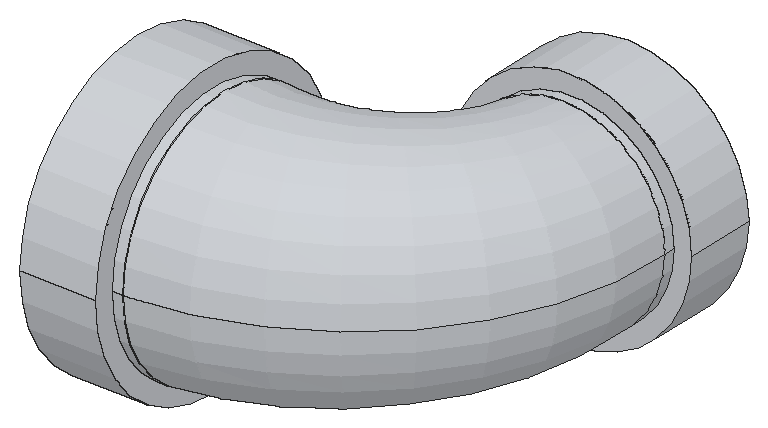
Revit family "M_Elbow Reducing - Threaded - MI - Class 150", category Pipe Fittings, Revit 2014
Parameters (values of type "Standard")
  Lookup Table Name = "M_Elbow Reducing - Threaded - MI - Class 150"
  Length 4 [instance] = if(Length 1 = Max Length 1, if(C2 Length 1 = Max Length 1, 0.794 mm, if(C2 Length 1 - Max Length 1 < 0.794 mm, 0.794 mm, C2 Length 1 - Max Length 1)), 0.794 mm)  # 0.794 mm
  Length 1 [instance] = if(Max Length 1 > Max Insulation Radius 12 * tan(Angle / 2), Max Length 1, Max Insulation Radius 12 * tan(Angle / 2) + 0.794 mm)  # 13.7 mm
  Max Length 1 [instance] = if(C1 Length 1 > C2 Length 1, C2 Length 1, C1 Length 1)  # 13.7 mm
  Length 3 [instance] = Length 1 + Length 1 * cos(Angle)  # 13.7 mm
  Length 7 [instance] = (Length 4 + Band Width 2) * cos(Angle) + Length 1 + Length 1 * cos(Angle)  # 13.7 mm
  Length 6 [instance] = (Length 4 + Band Width 2) * sin(Angle)  # 5.894 mm
  Length 5 [instance] = if(Length 1 = Max Length 1, if(C1 Length 1 = Max Length 1, 0.794 mm, if(C1 Length 1 - Max Length 1 < 0.794 mm, 0.794 mm, C1 Length 1 - Length 1)), 0.794 mm)  # 0.794 mm
  C1 Length 1 [instance] = Center to End 1 - Band Width 1  # 13.8 mm
  C2 Length 1 [instance] = Center to End 2 - Band Width 2  # 13.7 mm
  Length 2 [instance] = Length 1 * sin(Angle)  # 13.7 mm
  Tick Size 2 [instance] = Fitting Outside Diameter 2 * 0.4  # 5.952 mm
  Tick Size 1 [instance] = Fitting Outside Diameter 1 * 0.4  # 7.408 mm
  Nominal Radius 2 [instance] = 3 mm
  Nominal Radius 1 [instance] = 4 mm
  Nominal Diameter 2 [instance] = Nominal Radius 2 * 2  # 6 mm
  Nominal Diameter 1 [instance] = Nominal Radius 1 * 2  # 8 mm
  Metal Thickness 2 [instance] = size_lookup(Lookup Table Name, "MThk", 0.04 * Nominal Diameter 2 + 2.183 mm, Nominal Diameter 2)  # 2.29 mm
  Metal Thickness 1 [instance] = size_lookup(Lookup Table Name, "MThk", 0.04 * Nominal Diameter 1 + 2.183 mm, Nominal Diameter 1)  # 2.41 mm
  Max Insulation Radius 12 [instance] = if(Fitting Outside Radius 1 > Fitting Outside Radius 2, Fitting Outside Radius 1, Fitting Outside Radius 2)  # 9.26 mm
  Fitting Outside Radius 2 [instance] = Fitting Outside Diameter 2 / 2  # 7.44 mm
  Fitting Outside Radius 1 [instance] = Fitting Outside Diameter 1 / 2  # 9.26 mm
  Fitting Outside Diameter 1 [instance] = Fitting Inside Diameter 1 + Metal Thickness 1 * 2  # 18.52 mm
  Fitting Outside Diameter 2 [instance] = Fitting Inside Diameter 2 + Metal Thickness 2 * 2  # 14.88 mm
  Fitting Inside Diameter 2 [instance] = size_lookup(Lookup Table Name, "FID", 1.08 * Nominal Diameter 2 + 5.159 mm, Nominal Diameter 2)  # 10.3 mm
  Fitting Inside Diameter 1 [instance] = size_lookup(Lookup Table Name, "FID", 1.08 * Nominal Diameter 1 + 5.159 mm, Nominal Diameter 1)  # 13.7 mm
  Center to End 2 [instance] = size_lookup(Lookup Table Name, "CtE2", 0.61 * Nominal Diameter 1 + 0.2 * Nominal Diameter 2 + 15.577 mm, Nominal Diameter 1, Nominal Diameter 2)  # 18.8 mm
  Center to End 1 [instance] = size_lookup(Lookup Table Name, "CtE1", 0.3 * Nominal Diameter 1 + 0.48 * Nominal Diameter 2 + 16.867 mm, Nominal Diameter 1, Nominal Diameter 2)  # 19.3 mm
  Center Radius [instance] = Length 1 / tan(Angle / 2)  # 13.7 mm
  Band Width 2 [instance] = size_lookup(Lookup Table Name, "BWid", 0.12 * Nominal Diameter 2 + 4.465 mm, Nominal Diameter 2)  # 5.1 mm
  Band Width 1 [instance] = size_lookup(Lookup Table Name, "BWid", 0.12 * Nominal Diameter 1 + 4.465 mm, Nominal Diameter 1)  # 5.5 mm
  Band Outside Radius 2 [instance] = Band Outside Diameter 2 / 2  # 8.8 mm
  Band Outside Radius 1 [instance] = Band Outside Diameter 1 / 2  # 10.7 mm
  Band Outside Diameter 1 [instance] = size_lookup(Lookup Table Name, "BOD", 1.23 * Nominal Diameter 1 + 12.402 mm, Nominal Diameter 1)  # 21.4 mm
  Band Outside Diameter 2 [instance] = size_lookup(Lookup Table Name, "BOD", 1.23 * Nominal Diameter 2 + 12.402 mm, Nominal Diameter 2)  # 17.6 mm
  Band Insulation Outside Radius 2 [instance] = (Band Outside Diameter 2) / 2  # 8.8 mm
  Band Insulation Outside Radius 1 [instance] = (Band Outside Diameter 1) / 2  # 10.7 mm
  Assembly Code = ""
  Angle 1 [instance] = 180.00° - Angle  # 90.00°
  Angle [instance] = 90.00°
Reference planes
  plane 1 "Center (Front/Back)": y = 0
  plane 2: z = 0
  plane 3 "Center (Left/Right)": x = 0
  plane 4: x = -13.7
  plane 5: x = 0
  plane 6: y = 13.7
  plane 7: y = 13.7
  plane 8: y = 19.594
  plane 9: x = 0
  plane 10: x = -14.494
  plane 11: x = -19.994
Forms (mm)
  Sweep 1, solid, detail levels fine
    path in 3D
      loop
        line (-13.7, 0, 0) -> (-14.494, 0, 0)
    profile origin (-14.097, 0, 0) x (0, -1, 0) y (0, 0, 1)
      loop
        circle (0, 0) r 9.26
  Sweep 2, solid, detail levels fine
    path in 3D
      loop
        line (0, 13.7, 0) -> (0, 14.494, 0)
    profile origin (0, 14.097, 0) x (-1, 0, 0) y (0, 0, 1)
      loop
        circle (0, 0) r 7.44
  Sweep 3, solid, detail levels fine
    path in 3D
      loop
        line (0, 14.494, 0) -> (0, 19.594, 0)
    profile origin (0, 17.044, 0) x (-1, 0, 0) y (0, 0, 1)
      loop
        circle (0, 0) r 8.8
  Sweep 4, solid, detail levels fine
    path in 3D
      loop
        line (-14.494, 0, 0) -> (-19.994, 0, 0)
    profile origin (-17.244, 0, 0) x (0, -1, 0) y (0, 0, 1)
      loop
        circle (0, 0) r 10.7
  SweptBlend 5, solid, detail levels fine
    path in 3D
      loop
        arc (-13.7, 0, 0) -> (-4.013, 4.013, 0) -> (0, 13.7, 0) r 13.7
    profile origin (-13.7, 0, 0) x (0, 1, 0) y (0, 0, 1)
      loop
        circle (0, 0) r 9.26
    end profile origin (0, 13.7, 0) x (-1, 0, 0) y (0, 0, 1)
      loop
        circle (0, 0) r 7.44
Cuts and joins
  joined: Sweep 1, Sweep 4
  joined: Sweep 2, Sweep 3
Lines and regions (mm)
  model lines, detail levels coarse+medium
    curve 1: line (-13.7, 0, 0) -> (-14.494, 0, 0)
    curve 2: line (-14.494, 0, 0) -> (-19.994, 0, 0)
    curve 5: line (0, 13.7, 0) -> (0, 14.494, 0)
    curve 6: line (0, 14.494, 0) -> (0, 19.594, 0)
    curve 10: line (-19.994, 0, 0) -> (-19.994, 7.408, 0)
    curve 11: line (-19.994, 0, 0) -> (-19.994, -7.408, 0)
    curve 12: arc (-13.7, 0, 0) -> (-4.013, 4.013, 0) -> (0, 13.7, 0) r 13.7
    curve 14: line (0, 19.594, 0) -> (5.952, 19.594, 0)
    curve 15: line (0, 19.594, 0) -> (-5.952, 19.594, 0)
  sketch lines
    curve 3: line (-13.7, 0, 0) -> (-14.494, 0, 0)
    curve 7: line (0, 13.7, 0) -> (0, 14.494, 0)
    curve 8: line (0, 14.494, 0) -> (0, 19.594, 0)
    curve 9: line (-14.494, 0, 0) -> (-19.994, 0, 0)
    curve 13: arc (-13.7, 0, 0) -> (-4.013, 4.013, 0) -> (0, 13.7, 0) r 13.7
  reference lines
    curve 4: line (0, 19.594, 0) -> (0, 14.494, 0)
    curve 16: line (0, 0, 0) -> (0, 7.358, 0)
Dimensions and locks
  "Length 1": plane 4 to plane 3 "Center (Left/Right)"
  "Length 3": plane 4 to plane 5
  "Length 2": plane 6 to plane 1 "Center (Front/Back)"
  "Center Radius": plane 7 to plane 1 "Center (Front/Back)"
  "Length 5": curve 1 to curve 1
  "Length 6": plane 8 to plane 6
  "Length 4": curve 5 to curve 5
  "Band Width 2": curve 6 to curve 6
  "Length 5": plane 10 to plane 4
  "Band Width 1": plane 11 to plane 10
  "Band Width 1": curve 2 to curve 2
  "Tick Size 1": curve 10 to curve 10
  "Tick Size 1": curve 11 to curve 11
  "Length 7": plane 4 to plane 9
  "Tick Size 2": curve 14 to curve 14
  "Tick Size 2": curve 15 to curve 15
  "Fitting Outside Radius 1": radius of Sweep 1 sketch curve
  "Fitting Outside Radius 2": radius of Sweep 2 sketch curve
  "Band Outside Radius 2": radius of Sweep 3 sketch curve
  "Band Outside Radius 1": radius of Sweep 4 sketch curve
  "Fitting Outside Radius 1": radius of SweptBlend 5 sketch curve
  "Fitting Outside Radius 2": radius of SweptBlend 5 sketch curve
  "Angle": angle plane 8 to curve 4
  "Angle": angle plane 6 to curve 5
  "Angle 1": angle curve 5 to curve 1
  "Angle": angle plane 6 to curve 6
  angle curve 10 to curve 2 = 90.00°
  angle curve 11 to curve 2 = 90.00°
  "Angle": angle curve 12 to curve 12
  angle curve 5 to curve 14 = 90.00°
  locked: curve 15 to curve 5 (angle 90.00°)
  "Angle": angle plane 1 "Center (Front/Back)" to curve 16
  aligned and locked: curve 1 to plane 1 "Center (Front/Back)"
  aligned and locked: level to Sweep 1 sketch curve
  aligned and locked: plane 1 "Center (Front/Back)" to Sweep 1 sketch curve
  aligned and locked: plane 8 to curve 4
  aligned and locked: plane 9 to curve 4
  aligned and locked: plane 5 to curve 5
  aligned and locked: plane 7 to curve 12
  aligned and locked: plane 8 to curve 15
  aligned and locked: plane 1 "Center (Front/Back)" to curve 16
  aligned and locked: plane 3 "Center (Left/Right)" to curve 16
Automatic sketch dimensions
  Sweep 2 sketch curve to profile plane = 0 mm  (x2)
  Sweep 3 sketch curve to profile plane = 0 mm  (x2)
  Sweep 4 sketch curve to profile plane = 0 mm  (x2)
  SweptBlend 5 sketch curve to profile plane = 0 mm  (x4)
  curve 11 to plane 11 = 0 mm
Connectors
  piping at (-19.994, 0, 0), diameter 8, driven by "Angle", driven by "Nominal Radius 1"
    settings: on cut or joined group of Sweep 1, Sweep 4, index 1, connector inside diameter 8 mm, connector length 0 mm, flow factor 0, pipe flow 0.0 L/s, pressure drop 0.0 Pa, fitting loss kfactor 0, connector angle 90.00°, fixture units 0, engagement length 0 mm, angle of deflection 0.00°, flow configuration 0, flow direction 0, fitting loss method 0, system type 28, joint type 0, gender type 0, connector reference index 2, connector utility 0, adjustable connector no, is connector primary yes, connector description ""
  piping at (0, 19.594, 0), diameter 6, driven by "Angle", driven by "Nominal Radius 2"
    settings: on cut or joined group of Sweep 2, Sweep 3, index 2, connector inside diameter 6 mm, connector length 0 mm, flow factor 0, pipe flow 0.0 L/s, pressure drop 0.0 Pa, fitting loss kfactor 0, connector angle 90.00°, fixture units 0, engagement length 0 mm, angle of deflection 0.00°, flow configuration 0, flow direction 0, fitting loss method 0, system type 28, joint type 0, gender type 0, connector reference index 1, connector utility 0, adjustable connector no, is connector primary no, connector description ""
